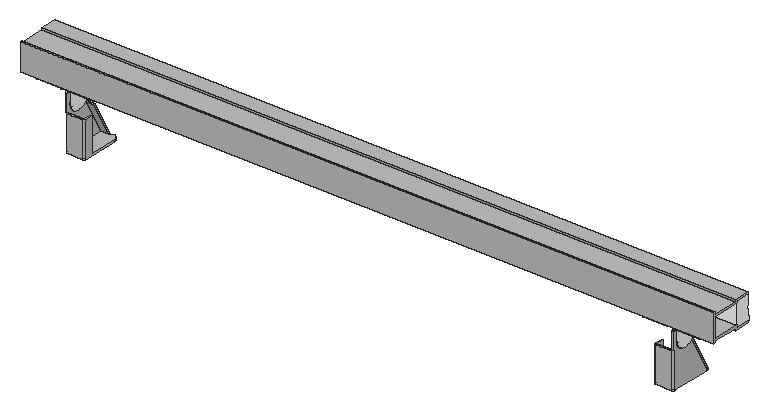
Revit family "4070756+4070746+4070771 Feilo Sylvania Lighting Fixture CURSUS 876MM 653LM OVAL LED 4K with CONTINUOUS WALL HOUSING with 70MM WALL BRACKET", category Lighting Fixtures, host Face, Revit 2017
Family settings
  Host = Face
  Round Connector Dimension = Use Diameter
  Part Type = Normal
  OmniClass Number = 23.80.70.14
  OmniClass Title = Luminaries for External Lighting
  Cut with Voids When Loaded = Yes
  Light Source = No
  Shared = No
  Room Calculation Point = No
Parameters (values of type "4070756 CURSUS 876MM 653LM OVAL LED 4K")
  Weight = "1.7 kg"
  Wattage Comments = "n/a"
  WarrantyStartDate [instance] = "n/a"
  WarrantyGuarantorParts = "n/a"
  WarrantyDurationUnit = "n/a"
  WarrantyDurationParts = "n/a"
  WarrantyDescription = "n/a"
  Voltage = 24 V
  URL = "http://www.sylvania-lighting.com"
  TypeName = "CURSUS 876MM 653LM OVAL LED 4K"
  TypeFixture_FEILO = CURSUS with CONTINUOUS WALL HOUSING : CURSUS 876MM 653LM OVAL LED 4K
  Type Image = <None>
  Type Comments = "n/a"
  TiltAngle [instance] = 0.00°
  StartAngle [instance] = TiltAngle + 270.00°  # 270.00°
  SerialNumber [instance] = "n/a"
  ReflectorMaterial = none
  PowerFactor = 0
  PowerConsumption = "13.5 W"
  NominalLength = 876 mm
  NominalHeight = 50 mm
  NominalDepth = 30 mm
  Name = "CURSUS 876MM 653LM OVAL LED 4K"
  ModelReference = Name  # "CURSUS 876MM 653LM OVAL LED 4K"
  ModelNumber = "4070756"
  Model = Name  # "CURSUS 876MM 653LM OVAL LED 4K"
  Material = "natural anodised extruded aluminium structure housing, optical system with pmma lenses diffuser"
  ManufacturerName = "Feilo Sylvania"
  Manufacturer = "Feilo Sylvania"
  LuminousEfficacy = "48.37 lm/W"
  LuminaireType = ""
  LightOutputRatio = "100"
  LampsType = Lamp  # "LED"
  LampNominalLuminous = "653 lm"
  LampMacAdamStep = "n/a"
  LampColourTemperature = "4000 K"
  LampColourRenderingIndex = "80"
  Lamp = "LED"
  Keynote = "16500"
  InstallationDate [instance] = "n/a"
  InputVoltage = "24V DC"
  InputNominalFrequency = "n/a"
  IngressProtection = "IP67"
  ImpactProtectionIndex = "IK07"
  IfcExportType = "IfcLightFixtureType"
  IfcExportAs = "IfcLightFixtureType"
  ExpectedLife = 50000
  EndAngle [instance] = StartAngle - 180.00°  # 90.00°
  ElectricShockClassification = "Class III"
  DurationUnit = "hours"
  DocumentationLiterature = "http://www.sylvania-lighting.com/product/en-int/products/4070756"
  DimmingControlOptions = "n/a"
  DiffuserMaterial = Diffuser-Sylvania-Glow
  Description = "LED Exterior Lighting Recessed Surface Mounted Linear Fixture, Natural anodised extruded aluminium structure. Die-cast aluminium end caps. Installation kit with harmonic steel springs., 653 lm, 13,5W,  48lm/W, 4000K, CRI80+,non dimmable,IP67, IK07, (HxWxD) 876x50x30mm, 3 step Mac Adam Ellipse, 1.7kg,, Classe III, 21-25V-DC, energy class : A++, A+, A"
  Default Elevation = 1219.2 mm
  CreatedOn = "1/8/2018"
  CreatedBy = ""
  Cost = 0
  built-in parameter 1114216 [instance] = (empty or 0)
  ClassificationValue = "EF_70_80"
  ClassificationName = "Uniclass2015"
  BracketWidth = 24 mm
  BracketThickness = 2 mm
  BracketHeightEnd = 32 mm
  BracketHeight = 55 mm
  BracketFlange = BracketHeight / 5  # 11 mm
  BracketExtension = 70 mm
  BracketEndReduction = 25 mm
  BracketC = 22 mm  # constant formula
  BracketDistance = 745 mm
  BracketD = BracketHeightEnd - (BracketC * (BracketHeight - BracketHeightEnd) / (BracketExtension - BracketEndReduction))  # 20.756 mm
  BodyMaterial = Body-Sylvania-Gray
  BarCode [instance] = "n/a"
  AssetType = "Fixed"
  AssetIdentifier [instance] = "n/a"
  Assembly Code = "D5020200"
  Apparent Load = 13.5 VA
  AccessoryMaterial = Diffuser-Sylvania-Glow
Reference planes
  plane 1 "Center (Front/Back)": y = 0
  plane 2: z = 0
  plane 3 "Center (Left/Right)": x = 0
  plane 4: x = -384.5
  plane 5: x = 384.5
  plane 6: y = 55
  plane 7: x = -360.5
  plane 8: x = 360.5
  plane 9: z = 70
  plane 10: z = 56
  plane 11: z = 2
  plane 12: z = 45
  plane 13: x = -382.5
  plane 14: y = 53
  plane 15: y = 2
  plane 16: x = -362.5
  plane 17: x = 362.5
  plane 18: x = 382.5
  plane 19: x = -372.5
  plane 20: x = 372.5
  plane 21: y = 11
  plane 22: y = 32
  plane 23: y = 30
  plane 24: z = 67
  plane 25: y = 20.756
  plane 26: y = 16
Forms (mm)
  Blend 1, solid, material "Body-Sylvania-Gray" <- "BodyMaterial"
    base sketch origin (1223.4, -4572, 2) x (0, -1, 0) y (1, 0, 0)
      loop
        line (-4625, -1595.9) -> (-4627, -1595.9) -> (-4627, -1605.9)
        arc (-4627, -1605.9) -> (-4626.414, -1607.314) -> (-4625, -1607.9) r 2
        line (-4625, -1607.9) -> (-4574, -1607.9)
        arc (-4574, -1607.9) -> (-4572.586, -1607.314) -> (-4572, -1605.9) r 2
        line (-4572, -1605.9) -> (-4572, -1585.9)
        arc (-4572, -1585.9) -> (-4572.586, -1584.486) -> (-4574, -1583.9) r 2
        line (-4574, -1583.9) -> (-4583, -1583.9) -> (-4583, -1585.9) -> (-4574, -1585.9) -> (-4574, -1605.9) -> (-4625, -1605.9) -> (-4625, -1595.9)
    top sketch origin (1223.4, -4572, 2) x (0, -1, 0) y (1, 0, 0)
      loop
        line (-4583, -1585.9) -> (-4574, -1585.9) -> (-4574, -1605.9) -> (-4602, -1605.9) -> (-4602, -1595.9) -> (-4604, -1595.9) -> (-4604, -1605.9)
        arc (-4604, -1605.9) -> (-4603.52, -1607.21) -> (-4602.309, -1607.9) r 2.028
        line (-4602.309, -1607.9) -> (-4574, -1607.9)
        arc (-4574, -1607.9) -> (-4572.586, -1607.314) -> (-4572, -1605.9) r 2
        line (-4572, -1605.9) -> (-4572, -1585.9)
        arc (-4572, -1585.9) -> (-4572.586, -1584.486) -> (-4574, -1583.9) r 2
        line (-4574, -1583.9) -> (-4583, -1583.9) -> (-4583, -1585.9)
    from 0 to 43
  Extrusion 2, solid, material "Body-Sylvania-Gray" <- "BodyMaterial"
    sketch origin (0, 0, 0) x (1, 0, 0) y (0, 1, 0)
      loop
        arc (-382.5, 55) -> (-383.914, 54.414) -> (-384.5, 53) r 2
        line (-384.5, 53) -> (-384.5, 2)
        arc (-384.5, 2) -> (-383.914, 0.586) -> (-382.5, 0) r 2
        line (-382.5, 0) -> (-362.5, 0)
        arc (-362.5, 0) -> (-361.086, 0.586) -> (-360.5, 2) r 2
        line (-360.5, 2) -> (-360.5, 47.5)
        arc (-360.5, 47.5) -> (-362.697, 52.803) -> (-368, 55) r 7.5
        line (-368, 55) -> (-382.5, 55)
      loop
        line (382.5, 55) -> (368, 55)
        arc (368, 55) -> (362.697, 52.803) -> (360.5, 47.5) r 7.5
        line (360.5, 47.5) -> (360.5, 2)
        arc (360.5, 2) -> (361.086, 0.586) -> (362.5, 0) r 2
        line (362.5, 0) -> (382.5, 0)
        arc (382.5, 0) -> (383.914, 0.586) -> (384.5, 2) r 2
        line (384.5, 2) -> (384.5, 53)
        arc (384.5, 53) -> (383.914, 54.414) -> (382.5, 55) r 2
    from 0 to 2
  Blend 3, solid, material "Body-Sylvania-Gray" <- "BodyMaterial"
    base sketch origin (1223.4, -4572, 2) x (0, -1, 0) y (1, 0, 0)
      loop
        line (-4625, -840.9) -> (-4574, -840.9) -> (-4574, -860.9) -> (-4583, -860.9) -> (-4583, -862.9) -> (-4574, -862.9)
        arc (-4574, -862.9) -> (-4572.586, -862.314) -> (-4572, -860.9) r 2
        line (-4572, -860.9) -> (-4572, -840.9)
        arc (-4572, -840.9) -> (-4572.586, -839.486) -> (-4574, -838.9) r 2
        line (-4574, -838.9) -> (-4625, -838.9)
        arc (-4625, -838.9) -> (-4626.414, -839.486) -> (-4627, -840.9) r 2
        line (-4627, -840.9) -> (-4627, -850.9) -> (-4625, -850.9) -> (-4625, -840.9)
    top sketch origin (1223.4, -4572, 2) x (0, -1, 0) y (1, 0, 0)
      loop
        line (-4602, -850.9) -> (-4602, -840.9) -> (-4574, -840.9) -> (-4574, -860.9) -> (-4583, -860.9) -> (-4583, -862.9) -> (-4574, -862.9)
        arc (-4574, -862.9) -> (-4572.586, -862.314) -> (-4572, -860.9) r 2
        line (-4572, -860.9) -> (-4572, -840.9)
        arc (-4572, -840.9) -> (-4572.586, -839.486) -> (-4574, -838.9) r 2
        line (-4574, -838.9) -> (-4602, -838.9)
        arc (-4602, -838.9) -> (-4603.414, -839.486) -> (-4604, -840.9) r 2
        line (-4604, -840.9) -> (-4604, -850.9) -> (-4602, -850.9)
    from 0 to 43
  Blend 4, solid, material "Body-Sylvania-Gray" <- "BodyMaterial"
    base sketch origin (1223.4, -4572, 45) x (0, -1, 0) y (1, 0, 0)
      loop
        line (-4604, -1607.9) -> (-4572, -1607.9) -> (-4572, -1605.9) -> (-4604, -1605.9) -> (-4604, -1607.9)
    top sketch origin (1223.4, -4572, 45) x (0, -1, 0) y (1, 0, 0)
      loop
        line (-4572, -1607.9) -> (-4572, -1605.9) -> (-4592.756, -1605.9) -> (-4592.756, -1607.9) -> (-4572, -1607.9)
    from 0 to 22
  Blend 5, solid, material "Body-Sylvania-Gray" <- "BodyMaterial"
    base sketch origin (1223.4, -4572, 45) x (0, -1, 0) y (1, 0, 0)
      loop
        line (-4604, -840.9) -> (-4572, -840.9) -> (-4572, -838.9) -> (-4604, -838.9) -> (-4604, -840.9)
    top sketch origin (1223.4, -4572, 45) x (0, -1, 0) y (1, 0, 0)
      loop
        line (-4572, -838.9) -> (-4592.756, -838.9) -> (-4592.756, -840.9) -> (-4572, -840.9) -> (-4572, -838.9)
    from 0 to 22
  Extrusion 6, void
    sketch origin (0, 0, 0) x (0, 1, 0) y (0, 0, 1)
      loop
        line (0, 45) -> (2, 45) -> (2, 46.5) -> (0, 46.5) -> (0, 45)
      loop
        line (32, 45) -> (32, 46.5) -> (30, 46.5) -> (30, 45) -> (32, 45)
    from -384.5 to 384.5
  Revolve 7, solid, not visible
    sketch origin (1524, 16, 1219.2) x (1, 0, 0) y (0, 0, 1)
      loop
        line (-1524, -1152.2) -> (-1524, -1163.2) -> (-1151.5, -1163.2) -> (-1151.5, -1152.2) -> (-1524, -1152.2)
      axis (-1151.5, -1163.2) -> (-1524, -1163.2)
    angle from 270 <- "StartAngle" to 90 <- "EndAngle"
Cuts and joins
  Extrusion 6 cuts Blend 4
  Extrusion 6 cuts Blend 5
  joined: Blend 1, Extrusion 2, Blend 3, Blend 4, Blend 5
Lines and regions (mm)
  reference lines, not visible
    curve 1: line (-360.5, 16, 56) -> (360.5, 16, 56)
Dimensions and locks
  equal spacing: plane 4, plane 3 "Center (Left/Right)", plane 5
  "BracketDistance": plane 19 to plane 20
  "BracketHeight": plane 1 "Center (Front/Back)" to plane 6
  equal spacing: plane 7, plane 3 "Center (Left/Right)", plane 8
  "BracketWidth": plane 4 to plane 7
  "BracketExtension": plane 9 to plane 2
  "BracketThickness": plane 11 to plane 2
  "BracketEndReduction": plane 9 to plane 12
  equal spacing: plane 13, plane 3 "Center (Left/Right)", plane 18
  equal spacing: plane 16, plane 3 "Center (Left/Right)", plane 17
  "BracketThickness": plane 4 to plane 13
  "BracketThickness": plane 16 to plane 7
  "BracketThickness": plane 14 to plane 6
  "BracketThickness": plane 1 "Center (Front/Back)" to plane 15
  equal spacing: plane 4, plane 19, plane 7
  equal spacing: plane 8, plane 20, plane 5
  "BracketFlange": plane 1 "Center (Front/Back)" to plane 21
  "BracketHeightEnd": plane 1 "Center (Front/Back)" to plane 22
  "BracketThickness": plane 23 to plane 22
  locked: Extrusion 2 sketch curve to plane 7 at 7.5
  locked: Extrusion 2 sketch curve to plane 6 at 7.5  (x2)
  locked: plane 8 to Extrusion 2 sketch curve at 7.5
  "BracketC": plane 24 to plane 12
  "BracketD": plane 1 "Center (Front/Back)" to plane 25
  locked: plane 12 to Extrusion 6 sketch curve at 1.5
  equal spacing: plane 24, plane 10, plane 12
  equal spacing: plane 1 "Center (Front/Back)", plane 26, plane 22
  aligned and locked: plane 2 to host face
  aligned and locked: level to host face
  aligned and locked: plane 4 to Blend 1 sketch curve  (x2)
  aligned and locked: plane 13 to Blend 1 sketch curve  (x3)
  aligned and locked: Blend 1 sketch curve to plane 15
  aligned and locked: Blend 1 sketch curve to plane 16
  aligned and locked: Blend 1 sketch curve to plane 21
  aligned and locked: plane 7 to Blend 1 sketch curve
  aligned and locked: plane 16 to Blend 1 sketch curve
  aligned and locked: plane 1 "Center (Front/Back)" to Blend 1 sketch curve
  aligned and locked: plane 14 to Blend 1 sketch curve
  aligned and locked: Blend 1 sketch curve to var sketch  (x6)
  aligned and locked: Blend 1 sketch curve to plane 19
  aligned and locked: Blend 1 sketch curve to plane 22
  aligned and locked: plane 23 to Blend 1 sketch curve
  aligned and locked: plane 11 to Blend 1
  aligned and locked: Extrusion 2 sketch curve to Blend 1  (x3)
  aligned and locked: Extrusion 2 to level
  aligned and locked: Extrusion 2 to plane 11
  aligned and locked: Extrusion 2 sketch curve to plane 7
  aligned and locked: plane 18 to Blend 3 sketch curve  (x4)
  aligned and locked: plane 14 to Blend 3 sketch curve  (x2)
  aligned and locked: Blend 3 sketch curve to plane 20
  aligned and locked: Blend 3 sketch curve to plane 6
  aligned and locked: plane 5 to Blend 3 sketch curve
  aligned and locked: plane 1 "Center (Front/Back)" to Blend 3 sketch curve
  aligned and locked: plane 15 to Blend 3 sketch curve  (x2)
  aligned and locked: Blend 3 sketch curve to plane 8
  aligned and locked: Blend 3 sketch curve to plane 21
  aligned and locked: plane 17 to Blend 3 sketch curve
  aligned and locked: Blend 3 sketch curve to plane 18
  aligned and locked: plane 20 to Blend 3 sketch curve  (x2)
  aligned and locked: Blend 3 sketch curve to plane 23
  aligned and locked: Blend 3 sketch curve to var sketch  (x8)
  aligned and locked: var sketch to Blend 3 sketch curve
  aligned and locked: plane 22 to Blend 3 sketch curve
  aligned and locked: plane 11 to Blend 3
  aligned and locked: Extrusion 2 sketch curve to Blend 3  (x4)
  aligned and locked: Blend 1 to plane 12
  aligned and locked: Blend 3 to plane 12
  aligned and locked: Blend 4 sketch curve to plane 22
  aligned and locked: Blend 4 sketch curve to cut or joined group of Blend 1, Extrusion 2, Blend 3, Blend 4, Blend 5, Extrusion 6  (x2)
  aligned and locked: cut or joined group of Blend 1, Extrusion 2, Blend 3, Blend 4, Blend 5, Extrusion 6 to Blend 4 sketch curve
  aligned and locked: Blend 4 sketch curve to var sketch  (x2)
  aligned and locked: Blend 4 sketch curve to plane 13
  aligned and locked: Blend 4 to plane 24
  aligned and locked: Blend 4 sketch curve to plane 25
  aligned and locked: Blend 5 sketch curve to plane 18  (x2)
  aligned and locked: plane 1 "Center (Front/Back)" to Blend 5 sketch curve
  aligned and locked: plane 5 to Blend 5 sketch curve
  aligned and locked: plane 22 to Blend 5 sketch curve
  aligned and locked: Blend 5 sketch curve to var sketch
  aligned and locked: var sketch to Blend 5 sketch curve
  aligned and locked: Blend 5 sketch curve to plane 25
  aligned and locked: Blend 5 to plane 24
  aligned and locked: plane 12 to Blend 5
  aligned and locked: Extrusion 6 sketch curve to cut or joined group of Blend 1, Extrusion 2, Blend 3, Blend 4, Blend 5, Extrusion 6  (x2)
  aligned and locked: Extrusion 6 sketch curve to Extrusion 6 sketch curve
  aligned and locked: Extrusion 6 sketch curve to plane 15
  aligned and locked: plane 5 to Extrusion 6
  aligned and locked: Extrusion 6 to plane 4
  aligned and locked: Extrusion 6 sketch curve to plane 23
  aligned and locked: Revolve 7 sketch curve to plane 10  (x2)
  aligned and locked: plane 24 to Revolve 7 sketch curve
  aligned and locked: plane 3 "Center (Left/Right)" to Revolve 7 sketch curve
  aligned and locked: Revolve 7 sketch curve to plane 20
  aligned and locked: plane 7 to curve 1
  aligned and locked: plane 10 to curve 1
  aligned and locked: nested 1 to plane 5
  aligned and locked: nested 2 to plane 4
  aligned and locked: nested 1 to curve 1
  aligned and locked: nested 2 to curve 1
  aligned and locked: nested 1 to nested 3
  aligned and locked: nested 3 to plane 3 "Center (Left/Right)"
Automatic sketch dimensions
  host sketch curve to host sketch curve = 2438.4 mm  (x2)
  Blend 1 sketch curve to plane 13 = 0 mm
  plane 15 to Blend 1 sketch curve = 0 mm  (x3)
  Blend 1 sketch curve to plane 23 = 0.309 mm
  plane 6 to Blend 1 sketch curve = 0 mm
  plane 14 to Blend 1 sketch curve = 0 mm
  Blend 1 sketch curve to plane 19 = 0 mm
  Blend 3 sketch curve to plane 17 = 0 mm
  Extrusion 6 sketch curve to plane 1 "Center (Front/Back)" = 0 mm
  plane 12 to Extrusion 6 sketch curve = 0 mm
  Revolve 7 sketch curve to plane 4 = 1153 mm
  plane 5 to Revolve 7 sketch curve = 1161.4 mm
  curve 1 to plane 8 = 0 mm
Nested families
  nested 1: "MountingPlate" at (383.5, 16, 56) x (-1, 0, 0) z (0, 0, 1), type "MountingPlate"
  nested 2: "MountingPlate" at (-383.5, 16, 56) x (-1, 0, 0) z (0, 0, 1), type "MountingPlate"
  nested 3: "CURSUS with CONTINUOUS WALL HOUSING" at (0, -4, 74) x (-1, 0, 0) z (0, 0, 1), type <- "TypeFixture_FEILO", type "CURSUS 876MM 653LM OVAL LED 4K"
    with WarrantyStartDate "n/a", SerialNumber "n/a", InstallationDate "n/a", EndCapRight no, EndCapLeft no, built-in parameter 1114216 (empty or 0), BarCode "n/a", AssetIdentifier "n/a"
Connectors
  electrical at (0, 0, 0), driven by "Voltage", driven by "Apparent Load", driven by "PowerFactor", driven by "Apparent Load"
    settings: index 1, voltage 24 V, apparent load 13.5 VA, apparent load phase1 13.5 VA, apparent load phase2 0 VA, apparent load phase3 0 VA, power factor 0, load classification "Other", number of poles 1, system type 30, power factor state 1, is connector primary yes, connector utility no, sub classification motor no, connector description ""
Definition of nested family "MountingPlate"
  Parameters (values of type "MountingPlate")
    URL = "http://www.feilosylvania.com"
    Type Comments = "n/a"
    ReflectorMaterial = none
    MountingPlateWidth = 76 mm
    MountingPlateThickness = 2 mm
    MountingPlateRadiusBack = 12 mm
    MountingPlateRadius = 3 mm
    MountingPlateHeight = 35 mm
    Model = "n/a"
    Manufacturer = "Feilo Sylvania"
    Keynote = "n/a"
    DiffuserMaterial = none
    Description = "n/a"
    Default Elevation = 1219.2 mm
    Cost = 0
    BodyMaterial = none
    Assembly Code = "n/a"
    AccessoryMaterial = none
  Reference planes
    plane 1 "Center (Front/Back)": y = 0
    plane 2: z = 0
    plane 3 "Center (Left/Right)": x = 0
    plane 4: x = -38
    plane 5: x = 38
    plane 6: y = 17.5
    plane 7: y = -17.5
    plane 8: x = -3
    plane 9: x = 3
    plane 10: z = 18
    plane 11: z = 16
    plane 12: y = 12.5
    plane 13: y = -12.5
    plane 14: x = -1
    plane 15: x = 1
    plane 16: z = -12.5
    plane 17: z = -14.5
  Forms (mm)
    Extrusion 1, solid
      sketch origin (1.653, 0, 0) x (1, 0, 0) y (0, 1, 0)
        loop
          line (-1219.2, 1219.2) -> (-1219.2, -1219.2) -> (1219.2, -1219.2) -> (1219.2, 1219.2) -> (-1219.2, 1219.2)
      from 0 to -304.8
    Extrusion 2, solid, material <- "BodyMaterial"
      sketch origin (1218.4, -4572, 16) x (0, -1, 0) y (-1, 0, 0)
        loop
          line (-4589.5, 1253.4) -> (-4589.5, 1224.4)
          arc (-4589.5, 1224.4) -> (-4588.621, 1222.279) -> (-4586.5, 1221.4) r 3
          line (-4586.5, 1221.4) -> (-4557.5, 1221.4)
          arc (-4557.5, 1221.4) -> (-4555.379, 1222.279) -> (-4554.5, 1224.4) r 3
          line (-4554.5, 1224.4) -> (-4554.5, 1253.4)
          arc (-4554.5, 1253.4) -> (-4555.379, 1255.521) -> (-4557.5, 1256.4) r 3
          line (-4557.5, 1256.4) -> (-4586.5, 1256.4)
          arc (-4586.5, 1256.4) -> (-4588.621, 1255.521) -> (-4589.5, 1253.4) r 3
        loop
          arc (-4589.5, 1183.4) -> (-4588.621, 1181.279) -> (-4586.5, 1180.4) r 3
          line (-4586.5, 1180.4) -> (-4557.5, 1180.4)
          arc (-4557.5, 1180.4) -> (-4555.379, 1181.279) -> (-4554.5, 1183.4) r 3
          line (-4554.5, 1183.4) -> (-4554.5, 1212.4)
          arc (-4554.5, 1212.4) -> (-4555.379, 1214.521) -> (-4557.5, 1215.4) r 3
          line (-4557.5, 1215.4) -> (-4586.5, 1215.4)
          arc (-4586.5, 1215.4) -> (-4588.621, 1214.521) -> (-4589.5, 1212.4) r 3
          line (-4589.5, 1212.4) -> (-4589.5, 1183.4)
      from 0 to -2
    Extrusion 3, solid, material <- "BodyMaterial"
      sketch origin (0, 0, 0) x (1, 0, 0) y (0, 0, 1)
        loop
          line (-3, 18) -> (-3, -12.5) -> (-1, -12.5) -> (-1, 16)
          arc (-1, 16) -> (-1.586, 17.414) -> (-3, 18) r 2
        loop
          line (3, -12.5) -> (3, 18)
          arc (3, 18) -> (1.586, 17.414) -> (1, 16) r 2
          line (1, 16) -> (1, -12.5) -> (3, -12.5)
      from -12.5 to 12.5
    Extrusion 4, void
      sketch origin (0, 0, 0) x (0, 1, 0) y (0, 0, 1)
        loop
          line (-12.5, -0.5) -> (-17.5, -0.5) -> (-17.5, -14.5) -> (-0.5, -14.5) -> (-0.5, -12.5)
          arc (-0.5, -12.5) -> (-8.985, -8.985) -> (-12.5, -0.5) r 12
        loop
          line (0.5, -12.5) -> (0.5, -14.5) -> (17.5, -14.5) -> (17.5, -0.5) -> (12.5, -0.5)
          arc (12.5, -0.5) -> (8.985, -8.985) -> (0.5, -12.5) r 12
      from -3 to 3
  Cuts and joins
    Extrusion 4 cuts Extrusion 2
    Extrusion 4 cuts Extrusion 3
    joined: Extrusion 2, Extrusion 3
  Lines and regions (mm)
    reference lines
      curve 1: line (-38, 0, 0) -> (38, 0, 0)
  Dimensions and locks
    equal spacing: plane 4, plane 3 "Center (Left/Right)", plane 5
    "MountingPlateWidth": plane 4 to plane 5
    equal spacing: plane 7, plane 1 "Center (Front/Back)", plane 6
    "MountingPlateHeight": plane 7 to plane 6
    equal spacing: plane 8, plane 3 "Center (Left/Right)", plane 9
    "MountingPlateHeight": plane 4 to plane 8
    locked: plane 10 to plane 2 at 18
    "MountingPlateThickness": plane 10 to plane 11
    equal spacing: plane 13, plane 1 "Center (Front/Back)", plane 12
    locked: plane 13 to plane 12 at 25
    "MountingPlateRadius": plane 4 to Extrusion 2 sketch curve  (x2)
    "MountingPlateRadius": Extrusion 2 sketch curve to plane 6  (x4)
    "MountingPlateRadius": Extrusion 2 sketch curve to plane 8  (x2)
    "MountingPlateRadius": plane 7 to Extrusion 2 sketch curve  (x4)
    "MountingPlateRadius": plane 9 to Extrusion 2 sketch curve  (x2)
    "MountingPlateRadius": Extrusion 2 sketch curve to plane 5  (x2)
    equal spacing: plane 15, plane 3 "Center (Left/Right)", plane 14
    "MountingPlateThickness": plane 14 to plane 8
    locked: plane 2 to plane 16 at 12.5
    locked: plane 17 to plane 16 at 2
    "MountingPlateRadiusBack": plane 13 to Extrusion 4 sketch curve
    "MountingPlateRadiusBack": plane 16 to Extrusion 4 sketch curve  (x2)
    "MountingPlateRadiusBack": Extrusion 4 sketch curve to plane 12
    aligned and locked: plane 2 to Extrusion 1
    aligned and locked: level to Extrusion 1
    aligned and locked: Extrusion 2 sketch curve to plane 6
    aligned and locked: Extrusion 2 sketch curve to plane 4
    aligned and locked: plane 7 to Extrusion 2 sketch curve
    aligned and locked: plane 8 to Extrusion 2 sketch curve
    aligned and locked: plane 6 to Extrusion 2 sketch curve
    aligned and locked: Extrusion 2 sketch curve to plane 5
    aligned and locked: Extrusion 2 sketch curve to plane 7
    aligned and locked: plane 9 to Extrusion 2 sketch curve
    aligned and locked: Extrusion 2 to plane 10
    aligned and locked: plane 11 to Extrusion 2
    aligned and locked: Extrusion 3 sketch curve to Extrusion 2  (x2)
    aligned and locked: plane 16 to Extrusion 3 sketch curve  (x2)
    aligned and locked: plane 14 to Extrusion 3 sketch curve
    aligned and locked: plane 9 to Extrusion 3 sketch curve
    aligned and locked: plane 15 to Extrusion 3 sketch curve
    aligned and locked: Extrusion 3 to plane 12
    aligned and locked: plane 13 to Extrusion 3
    aligned and locked: plane 17 to Extrusion 4 sketch curve  (x2)
    aligned and locked: Extrusion 4 sketch curve to plane 7
    aligned and locked: Extrusion 4 sketch curve to plane 6
    aligned and locked: plane 9 to Extrusion 4
    aligned and locked: Extrusion 4 to plane 8
    aligned and locked: plane 4 to curve 1
    aligned and locked: curve 1 to level
  Automatic sketch dimensions
    Extrusion 1 sketch curve to Extrusion 1 sketch curve = 2438.4 mm  (x2)
    Extrusion 3 sketch curve to plane 11 = 0 mm
    curve 1 to plane 5 = 0 mm
    Extrusion 4 sketch curve to plane 13 = 0 mm
    Extrusion 4 sketch curve to plane 12 = 0 mm
Definition of nested family "CURSUS with CONTINUOUS WALL HOUSING"
  Parameters (values of type "CURSUS 1161MM 827LM OVAL LED 3K")
    Width_FEILO = 35 mm
    Weight = "2.2 kg"
    Wattage Comments = "n/a"
    Wattage = 18 W
    WarrantyStartDate [instance] = "n/a"
    WarrantyGuarantorParts = "n/a"
    WarrantyDurationUnit = "n/a"
    WarrantyDurationParts = "n/a"
    WarrantyDescription = "n/a"
    WallThickness_FEILO = 2.5 mm
    built-in parameter 1150110 = 1 (stored number, unit not read)
    Voltage = 24 V
    URL = "http://www.feilosylvania.com"
    TypeName = "CURSUS 1161MM 827LM OVAL LED 3K"
    Type Image = (empty or 0)
    Type Comments = "n/a"
    built-in parameter 1114217 = 1 (stored number, unit not read)
    Tilt Angle = -90.00°
    built-in parameter 1150109 = 1 (stored number, unit not read)
    built-in parameter 1150134 = (empty or 0)
    built-in parameter 1150113 = 1 (stored number, unit not read)
    SerialNumber [instance] = "n/a"
    ReflectorMaterial = none
    PowerFactor = 0
    PowerConsumption = "18 W"
    Photometric Web File = "4070765.ies"
    NominalLength = 1161 mm
    NominalHeight = 50 mm
    NominalDepth = 30 mm
    Name = "CURSUS 1161MM 827LM OVAL LED 3K"
    ModelReference = Name  # "CURSUS 1161MM 827LM OVAL LED 3K"
    ModelNumber = ""
    Model = Name  # "CURSUS 1161MM 827LM OVAL LED 3K"
    Material = "natural anodised extruded aluminium structure housing, optical system with pmma lenses diffuser"
    ManufacturerName = "Feilo Sylvania"
    Manufacturer = "Feilo Sylvania"
    LuminousEfficacy = "45.94 lm/W"
    built-in parameter 1150105 = 65.811 (stored number, unit not read)
    Lumens = 827 lm
    LuminaireType = ""
    built-in parameter 1150115 = 1 (stored number, unit not read)
    LightOutputRatio = "100"
    built-in parameter 1150137 = (empty or 0)
    built-in parameter 1150139 = (empty or 0)
    Length_FEILO = 1167 mm
    LampsType = Lamp  # "LED"
    LampNominalLuminous = "827 lm"
    LampMacAdamStep = "n/a"
    LampColourTemperature = "3000 K"
    LampColourRenderingIndex = "80"
    built-in parameter 1150112 = 1 (stored number, unit not read)
    built-in parameter 1150114 = 1 (stored number, unit not read)
    Lamp = "LED"
    Keynote = "16500"
    InstallationDate [instance] = "n/a"
    InputVoltage = "24V DC"
    InputNominalFrequency = "n/a"
    built-in parameter 1150132 = (empty or 0)
    built-in parameter 1150102 = (empty or 0)
    built-in parameter 1150107 = 3000 (stored number, unit not read)
    built-in parameter 1150138 = (empty or 0)
    IngressProtection = "IP67"
    ImpactProtectionIndex = "IK07"
    built-in parameter 1150106 = 0.65811 (stored number, unit not read)
    IfcExportType = "IfcLightFixtureType"
    IfcExportAs = "IfcLightFixtureType"
    ExpectedLife = 50000
    EndCapRight [instance] = no
    EndCapLeft [instance] = no
    Emit from Rectangle Width = Width_FEILO - WallThickness_FEILO * 2  # 30 mm
    Emit from Rectangle Length = Length_FEILO - WallThickness_FEILO * 2  # 1162 mm
    Emit Shape Visible in Rendering = no
    ElectricShockClassification = "Class III"
    built-in parameter 1150104 = 4.2684 (stored number, unit not read)
    DurationUnit = "hours"
    DocumentationLiterature = "http://www.feilosylvania.com/product/en-int/products/4070765"
    DimmingControlOptions = "n/a"
    Dimming Lamp Color Temperature Shift = (empty or 0)
    DiffuserMaterial = none
    Description = "LED Exterior Lighting Recessed Surface Mounted Linear Fixture, Natural anodised extruded aluminium structure. Die-cast aluminium end caps. Installation kit with harmonic steel springs., 827 lm, 18W, 45lm/W, 3000K, CRI80+,non dimmable,IP67, IK07, (HxWxD) 1161x50x30mm, 3 step Mac Adam Ellipse, 2.2kg,, Classe III, 21-25V-DC, energy class : A++, A+, A"
    Default Elevation = 1219.2 mm
    CreatedOn = "1/8/2018"
    CreatedBy = "aron.fodor@feilosylvania.com"
    Cost = 0
    Color Filter = 16777215
    built-in parameter 1114216 [instance] = (empty or 0)
    ClassificationValue = "EF_70_80"
    ClassificationName = "Uniclass2015"
    BodyMaterial = none
    BarCode [instance] = "n/a"
    built-in parameter 1114218 = 1 (stored number, unit not read)
    built-in parameter 1150133 = 10 (stored number, unit not read)
    AssetType = "Fixed"
    AssetIdentifier [instance] = "n/a"
    Assembly Code = "D5020200"
    Apparent Load = 18 VA
    AccessoryMaterial = none
  Types (16, lengths in mm): name | Weight | Wattage | Voltage | TypeName | built-in parameter 1150134 | PowerConsumption | Photometric Web File | NominalLength | Name | ModelReference | Model | Material | LuminousEfficacy | built-in parameter 1150105 | Lumens | Length_FEILO | LampNominalLuminous | LampColourTemperature | InputVoltage | InputNominalFrequency | built-in parameter 1150107 | built-in parameter 1150106 | Emit from Rectangle Length | built-in parameter 1150104 | DocumentationLiterature | Description | Apparent Load
    CURSUS 1161MM 827LM OVAL LED 3K | "2.2 kg" | 18 W | 24 V | "CURSUS 1161MM 827LM OVAL LED 3K" | (empty or 0) | "18 W" | "4070765.ies" | 1161 | "CURSUS 1161MM 827LM OVAL LED 3K" | "CURSUS 1161MM 827LM OVAL LED 3K" | "CURSUS 1161MM 827LM OVAL LED 3K" | "natural anodised extruded aluminium structure housing, optical system with pmma lenses diffuser" | "45.94 lm/W" | 65.811 (stored number, unit not read) | 827 lm | 1167 | "827 lm" | "3000 K" | "24V DC" | "n/a" | 3000 (stored number, unit not read) | 0.65811 (stored number, unit not read) | 1162 | 4.2684 (stored number, unit not read) | "http://www.feilosylvania.com/product/en-int/products/4070765" | "LED Exterior Lighting Recessed Surface Mounted Linear Fixture, Natural anodised extruded aluminium structure. Die-cast aluminium end caps. Installation kit with harmonic steel springs., 827 lm, 18W, 45lm/W, 3000K, CRI80+,non dimmable,IP67, IK07, (HxWxD) 1161x50x30mm, 3 step Mac Adam Ellipse, 2.2kg,, Classe III, 21-25V-DC, energy class : A++, A+, A" | 18 VA
    CURSUS 1161MM 731LM WIDE LED 3K | "2.2 kg" | 18 W | 230 V | "CURSUS 1161MM 731LM WIDE LED 3K" | (empty or 0) | "18 W" | "4070764.ies" | 1161 | "CURSUS 1161MM 731LM WIDE LED 3K" | "CURSUS 1161MM 731LM WIDE LED 3K" | "CURSUS 1161MM 731LM WIDE LED 3K" | "natural anodised extruded aluminium structure housing" | "40.61 lm/W" | 58.171 (stored number, unit not read) | 731 lm | 1167 | "731 lm" | "3000 K" | "220-240V~" | "n/a" | 3000 (stored number, unit not read) | 0.58171 (stored number, unit not read) | 1162 | 3.7729 (stored number, unit not read) | "http://www.feilosylvania.com/product/en-int/products/4070764" | "LED Exterior Lighting Recessed Surface Mounted Linear Fixture, Natural anodised extruded aluminium structure. Die-cast aluminium end caps. Installation kit with harmonic steel springs., 731 lm, 18W, 40lm/W, 3000K, CRI80+,non dimmable,IP67, IK07, (HxWxD) 1161x50x30mm, 3 step Mac Adam Ellipse, 2.2kg,, Classe III, 21-25V-DC, energy class : A++, A+, A" | 18 VA
    CURSUS 1161MM 871LM OVAL LED 4K | "2.2 kg" | 18 W | 24 V | "CURSUS 1161MM 871LM OVAL LED 4K" | 12 | "18 W" | "4070763.ies" | 1161 | "CURSUS 1161MM 871LM OVAL LED 4K" | "CURSUS 1161MM 871LM OVAL LED 4K" | "CURSUS 1161MM 871LM OVAL LED 4K" | "natural anodised extruded aluminium structure housing, optical system with pmma lenses diffuser" | "48.38 lm/W" | 69.312 (stored number, unit not read) | 871 lm | 1167 | "871 lm" | "4000 K" | "24V DC" | "50/60 Hz" | 4000 (stored number, unit not read) | 0.69312 (stored number, unit not read) | 1162 | 4.4955 (stored number, unit not read) | "http://www.feilosylvania.com/product/en-int/products/4070763" | "LED Exterior Lighting Recessed Surface Mounted Linear Fixture, Natural anodised extruded aluminium structure. Die-cast aluminium end caps. Installation kit with harmonic steel springs., 871 lm, 18W,  48lm/W, 4000K, CRI80+,non dimmable,IP67, IK07, (HxWxD) 1161x50x30mm, 3 step Mac Adam Ellipse, 2.2kg,, Classe III, 21-25V-DC, energy class : A++, A+, A" | 18 VA
    CURSUS 1161MM 770LM WIDE LED 4K | "2.2 kg" | 18 W | 230 V | "CURSUS 1161MM 770LM WIDE LED 4K" | 12 | "18 W" | "4070762.ies" | 1161 | "CURSUS 1161MM 770LM WIDE LED 4K" | "CURSUS 1161MM 770LM WIDE LED 4K" | "CURSUS 1161MM 770LM WIDE LED 4K" | "natural anodised extruded aluminium structure housing" | "42.77 lm/W" | 61.275 (stored number, unit not read) | 770 lm | 1167 | "770 lm" | "4000 K" | "220-240V~" | "n/a" | 4000 (stored number, unit not read) | 0.61275 (stored number, unit not read) | 1162 | 3.9742 (stored number, unit not read) | "http://www.feilosylvania.com/product/en-int/products/4070762" | "LED Exterior Lighting Recessed Surface Mounted Linear Fixture, Natural anodised extruded aluminium structure. Die-cast aluminium end caps. Installation kit with harmonic steel springs., 770 lm, 18W,  42lm/W, 4000K, CRI80+,non dimmable,IP67, IK07, (HxWxD) 1161x50x30mm, 3 step Mac Adam Ellipse, 2.2kg,, Classe III, 21-25V-DC, energy class : A++, A+, A" | 18 VA
    CURSUS 876MM 620LM OVAL LED 3K | "1.7 kg" | 13.5 W | 24 V | "CURSUS 876MM 620LM OVAL LED 3K" | (empty or 0) | "13.5 W" | "4070758.ies" | 876 | "CURSUS 876MM 620LM OVAL LED 3K" | "CURSUS 876MM 620LM OVAL LED 3K" | "CURSUS 876MM 620LM OVAL LED 3K" | "natural anodised extruded aluminium structure housing, optical system with pmma lenses diffuser" | "45.92 lm/W" | 49.338 (stored number, unit not read) | 620 lm | 882 | "620 lm" | "3000 K" | "24V DC" | "50/60 Hz" | 3000 (stored number, unit not read) | 0.49338 (stored number, unit not read) | 877 | 4.2667 (stored number, unit not read) | "http://www.feilosylvania.com/product/en-int/products/4070758" | "LED Exterior Lighting Recessed Surface Mounted Linear Fixture, Natural anodised extruded aluminium structure. Die-cast aluminium end caps. Installation kit with harmonic steel springs., 620 lm, 13,5W, 45lm/W, 3000K, CRI80+,non dimmable,IP67, IK07, (HxWxD) 876x50x30mm, 3 step Mac Adam Ellipse, 1.7kg,, Classe III, 21-25V-DC, energy class : A++, A+, A" | 13.5 VA
    CURSUS 876MM 548LM WIDE LED 3K | "1.7 kg" | 13.5 W | 24 V | "CURSUS 876MM 548LM WIDE LED 3K" | (empty or 0) | "13.5 W" | "4070757.ies" | 876 | "CURSUS 876MM 548LM WIDE LED 3K" | "CURSUS 876MM 548LM WIDE LED 3K" | "CURSUS 876MM 548LM WIDE LED 3K" | "natural anodised extruded aluminium structure housing" | "40.59 lm/W" | 43.608 (stored number, unit not read) | 548 lm | 882 | "548 lm" | "3000 K" | "24V DC" | "n/a" | 3000 (stored number, unit not read) | 0.43608 (stored number, unit not read) | 877 | 3.7712 (stored number, unit not read) | "http://www.feilosylvania.com/product/en-int/products/4070757" | "LED Exterior Lighting Recessed Surface Mounted Linear Fixture, Natural anodised extruded aluminium structure. Die-cast aluminium end caps. Installation kit with harmonic steel springs., 548 lm, 13,5W, 40lm/W, 3000K, CRI80+,non dimmable,IP67, IK07, (HxWxD) 876x50x30mm, 3 step Mac Adam Ellipse, 1.7kg,, Classe III, 21-25V-DC, energy class : A++, A+, A" | 13.5 VA
    CURSUS 876MM 653LM OVAL LED 4K | "1.7 kg" | 13.5 W | 24 V | "CURSUS 876MM 653LM OVAL LED 4K" | 12 | "13.5 W" | "4070756.ies" | 876 | "CURSUS 876MM 653LM OVAL LED 4K" | "CURSUS 876MM 653LM OVAL LED 4K" | "CURSUS 876MM 653LM OVAL LED 4K" | "natural anodised extruded aluminium structure housing, optical system with pmma lenses diffuser" | "48.37 lm/W" | 51.964 (stored number, unit not read) | 653 lm | 882 | "653 lm" | "4000 K" | "24V DC" | "n/a" | 4000 (stored number, unit not read) | 0.51964 (stored number, unit not read) | 877 | 4.4938 (stored number, unit not read) | "http://www.feilosylvania.com/product/en-int/products/4070756" | "LED Exterior Lighting Recessed Surface Mounted Linear Fixture, Natural anodised extruded aluminium structure. Die-cast aluminium end caps. Installation kit with harmonic steel springs., 653 lm, 13,5W,  48lm/W, 4000K, CRI80+,non dimmable,IP67, IK07, (HxWxD) 876x50x30mm, 3 step Mac Adam Ellipse, 1.7kg,, Classe III, 21-25V-DC, energy class : A++, A+, A" | 13.5 VA
    CURSUS 876MM 577LM WIDE LED 4K | "1.7 kg" | 13.5 W | 24 V | "CURSUS 876MM 577LM WIDE LED 4K" | 12 | "13.5 W" | "4070755.ies" | 876 | "CURSUS 876MM 577LM WIDE LED 4K" | "CURSUS 876MM 577LM WIDE LED 4K" | "CURSUS 876MM 577LM WIDE LED 4K" | "natural anodised extruded aluminium structure housing" | "42.74 lm/W" | 45.916 (stored number, unit not read) | 577 lm | 882 | "577 lm" | "4000 K" | "24V DC" | "n/a" | 4000 (stored number, unit not read) | 0.45916 (stored number, unit not read) | 877 | 3.9707 (stored number, unit not read) | "http://www.feilosylvania.com/product/en-int/products/4070755" | "LED Exterior Lighting Recessed Surface Mounted Linear Fixture, Natural anodised extruded aluminium structure. Die-cast aluminium end caps. Installation kit with harmonic steel springs., 577 lm, 13,5W,  42lm/W, 4000K, CRI80+,non dimmable,IP67, IK07, (HxWxD) 876x50x30mm, 3 step Mac Adam Ellipse, 1.7kg,, Classe III, 21-25V-DC, energy class : A++, A+, A" | 13.5 VA
    CURSUS 591MM 414LM OVAL LED 3K | "1.2 kg" | 9 W | 24 V | "CURSUS 591MM 414LM OVAL LED 3K" | (empty or 0) | "9 W" | "4070751.ies" | 591 | "CURSUS 591MM 414LM OVAL LED 3K" | "CURSUS 591MM 414LM OVAL LED 3K" | "CURSUS 591MM 414LM OVAL LED 3K" | "natural anodised extruded aluminium structure housing, optical system with pmma lenses diffuser" | "46 lm/W" | 32.945 (stored number, unit not read) | 414 lm | 597 | "414 lm" | "3000 K" | "24V DC" | "n/a" | 3000 (stored number, unit not read) | 0.32945 (stored number, unit not read) | 592 | 4.2735 (stored number, unit not read) | "http://www.feilosylvania.com/product/en-int/products/4070751" | "LED Exterior Lighting Recessed Surface Mounted Linear Fixture, Natural anodised extruded aluminium structure. Die-cast aluminium end caps. Installation kit with harmonic steel springs., 414 lm, 9W, 46lm/W, 3000K, CRI80+,non dimmable,IP67, IK07, (HxWxD) 591x50x30mm, 3 step Mac Adam Ellipse, 1.2kg,, Classe III, 21-25V-DC, energy class : A++, A+, A" | 9 VA
    CURSUS 591MM 365LM WIDE LED 3K | "1.2 kg" | 9 W | 24 V | "CURSUS 591MM 365LM WIDE LED 3K" | (empty or 0) | "9 W" | "4070750.ies" | 591 | "CURSUS 591MM 365LM WIDE LED 3K" | "CURSUS 591MM 365LM WIDE LED 3K" | "CURSUS 591MM 365LM WIDE LED 3K" | "natural anodised extruded aluminium structure housing" | "40.55 lm/W" | 29.046 (stored number, unit not read) | 365 lm | 597 | "365 lm" | "3000 K" | "24V DC" | "n/a" | 3000 (stored number, unit not read) | 0.29046 (stored number, unit not read) | 592 | 3.7677 (stored number, unit not read) | "http://www.feilosylvania.com/product/en-int/products/4070750" | "LED Exterior Lighting Recessed Surface Mounted Linear Fixture, Natural anodised extruded aluminium structure. Die-cast aluminium end caps. Installation kit with harmonic steel springs., 365 lm, 9W, 40lm/W, 3000K, CRI80+,non dimmable,IP67, IK07, (HxWxD) 591x50x30mm, 3 step Mac Adam Ellipse, 1.2kg,, Classe III, 21-25V-DC, energy class : A++, A+, A" | 9 VA
    CURSUS 591MM 435LM OVAL LED 4K | "1.2 kg" | 9 W | 24 V | "CURSUS 591MM 435LM OVAL LED 4K" | 12 | "9 W" | "4070749.ies" | 591 | "CURSUS 591MM 435LM OVAL LED 4K" | "CURSUS 591MM 435LM OVAL LED 4K" | "CURSUS 591MM 435LM OVAL LED 4K" | "natural anodised extruded aluminium structure housing, optical system with pmma lenses diffuser" | "48.33 lm/W" | 34.616 (stored number, unit not read) | 435 lm | 597 | "435 lm" | "4000 K" | "24V DC" | "n/a" | 4000 (stored number, unit not read) | 0.34616 (stored number, unit not read) | 592 | 4.4903 (stored number, unit not read) | "http://www.feilosylvania.com/product/en-int/products/4070749" | "LED Exterior Lighting Recessed Surface Mounted Linear Fixture, Natural anodised extruded aluminium structure. Die-cast aluminium end caps. Installation kit with harmonic steel springs., 435 lm, 9W, 48lm/W, 4000K, CRI80+,non dimmable,IP67, IK07, (HxWxD) 591x50x30mm, 3 step Mac Adam Ellipse, 1.2kg,, Classe III, 21-25V-DC, energy class : A++, A+, A" | 9 VA
    CURSUS 591MM 385LM WIDE LED 4K | "1.2 kg" | 9 W | 24 V | "CURSUS 591MM 385LM WIDE LED 4K" | 12 | "9 W" | "4070748.ies" | 591 | "CURSUS 591MM 385LM WIDE LED 4K" | "CURSUS 591MM 385LM WIDE LED 4K" | "CURSUS 591MM 385LM WIDE LED 4K" | "natural anodised extruded aluminium structure housing" | "42.77 lm/W" | 30.637 (stored number, unit not read) | 385 lm | 597 | "385 lm" | "4000 K" | "24V DC" | "n/a" | 4000 (stored number, unit not read) | 0.30637 (stored number, unit not read) | 592 | 3.9742 (stored number, unit not read) | "http://www.feilosylvania.com/product/en-int/products/4070748" | "LED Exterior Lighting Recessed Surface Mounted Linear Fixture, Natural anodised extruded aluminium structure. Die-cast aluminium end caps. Installation kit with harmonic steel springs., 385 lm, 9W,  42lm/W, 4000K, CRI80+,non dimmable,IP67, IK07, (HxWxD) 591x50x30mm, 3 step Mac Adam Ellipse, 1.2kg,, Classe III, 21-25V-DC, energy class : A++, A+, A" | 9 VA
    CURSUS 306MM 207LM OVAL LED3K | "0.6 kg" | 4.5 W | 24 V | "CURSUS 306MM 207LM OVAL LED3K" | (empty or 0) | "4.5 W" | "4070744.ies" | 306 | "CURSUS 306MM 207LM OVAL LED3K" | "CURSUS 306MM 207LM OVAL LED3K" | "CURSUS 306MM 207LM OVAL LED3K" | "natural anodised extruded aluminium structure housing, optical system with pmma lenses diffuser" | "46 lm/W" | 16.473 (stored number, unit not read) | 207 lm | 312 | "207 lm" | "3000 K" | "24V DC" | "n/a" | 3000 (stored number, unit not read) | 0.16473 (stored number, unit not read) | 307 | 4.2735 (stored number, unit not read) | "http://www.feilosylvania.com/product/en-int/products/4070744" | "LED Exterior Lighting Recessed Surface Mounted Linear Fixture, Natural anodised extruded aluminium structure. Die-cast aluminium end caps. Installation kit with harmonic steel springs., 207 lm, 4,5W, 46lm/W, 3000K, CRI80+,non dimmable,IP67, IK07, (HxWxD) 306x50x30mm, 3 step Mac Adam Ellipse, 0.6kg,, Classe III, 21-25V-DC, energy class : A++, A+, A" | 4.5 VA
    CURSUS 306MM 183LM WIDE LED 3K | "0.6 kg" | 4.5 W | 24 V | "CURSUS 306MM 183LM WIDE LED 3K" | (empty or 0) | "4.5 W" | "4070743.ies" | 306 | "CURSUS 306MM 183LM WIDE LED 3K" | "CURSUS 306MM 183LM WIDE LED 3K" | "CURSUS 306MM 183LM WIDE LED 3K" | "natural anodised extruded aluminium structure housing" | "40.66 lm/W" | 14.563 (stored number, unit not read) | 183 lm | 312 | "183 lm" | "3000 K" | "24V DC" | "n/a" | 3000 (stored number, unit not read) | 0.14563 (stored number, unit not read) | 307 | 3.7781 (stored number, unit not read) | "http://www.feilosylvania.com/product/en-int/products/4070743" | "LED Exterior Lighting Recessed Surface Mounted Linear Fixture, Natural anodised extruded aluminium structure. Die-cast aluminium end caps. Installation kit with harmonic steel springs., 183 lm, 4,5W, 40lm/W, 3000K, CRI80+,non dimmable,IP67, IK07, (HxWxD) 306x50x30mm, 3 step Mac Adam Ellipse, 0.6kg,, Classe III, 21-25V-DC, energy class : A++, A+, A" | 4.5 VA
    CURSUS 306MM 218LM OVAL LED 4K | "0.6 kg" | 4.5 W | 24 V | "CURSUS 306MM 218LM OVAL LED 4K" | 12 | "4.5 W" | "4070742.ies" | 306 | "CURSUS 306MM 218LM OVAL LED 4K" | "CURSUS 306MM 218LM OVAL LED 4K" | "CURSUS 306MM 218LM OVAL LED 4K" | "natural anodised extruded aluminium structure housing, optical system with pmma lenses diffuser" | "48.44 lm/W" | 17.348 (stored number, unit not read) | 218 lm | 312 | "218 lm" | "4000 K" | "24V DC" | "n/a" | 4000 (stored number, unit not read) | 0.17348 (stored number, unit not read) | 307 | 4.5006 (stored number, unit not read) | "http://www.feilosylvania.com/product/en-int/products/4070742" | "LED Exterior Lighting Recessed Surface Mounted Linear Fixture, Natural anodised extruded aluminium structure. Die-cast aluminium end caps. Installation kit with harmonic steel springs., 218 lm, 4,5W,  48lm/W, 4000K, CRI80+,non dimmable,IP67, IK07, (HxWxD) 306x50x30mm, 3 step Mac Adam Ellipse, 0.6kg,, Classe III, 21-25V-DC, energy class : A++, A+, A" | 4.5 VA
    CURSUS 306MM 192LM WIDE LED 4K | "0.6 kg" | 4.5 W | 24 V | "CURSUS 306MM 192LM WIDE LED 4K" | 12 | "4.5 W" | "4070741.ies" | 306 | "CURSUS 306MM 192LM WIDE LED 4K" | "CURSUS 306MM 192LM WIDE LED 4K" | "CURSUS 306MM 192LM WIDE LED 4K" | "natural anodised extruded aluminium structure housing" | "42.66 lm/W" | 15.279 (stored number, unit not read) | 192 lm | 312 | "192 lm" | "4000 K" | "24V DC" | "n/a" | 4000 (stored number, unit not read) | 0.15279 (stored number, unit not read) | 307 | 3.9639 (stored number, unit not read) | "http://www.feilosylvania.com/product/en-int/products/4070741" | "LED Exterior Lighting Recessed Surface Mounted Linear Fixture, Natural anodised extruded aluminium structure. Die-cast aluminium end caps. Installation kit with harmonic steel springs., 192 lm, 4,5W,  42lm/W, 4000K, CRI80+,non dimmable,IP67, IK07, (HxWxD) 306x50x30mm, 3 step Mac Adam Ellipse, 0.6kg,, Classe III, 21-25V-DC, energy class : A++, A+, A" | 4.5 VA
  Reference planes
    plane 1 "Center (Front/Back)": y = 0
    plane 2: z = 0
    plane 3 "Center (Left/Right)": x = 0
    plane 4: x = 583.5
    plane 5: x = -583.5
    plane 6: x = -581
    plane 7: x = 581
    plane 8: z = 35
    plane 9: z = 17.5
    plane 10: z = 32.5
    plane 11: z = 2.5
    plane 12: z = 30
    plane 13: z = 5
    plane 14: y = -55
    plane 15: y = -53
    plane 16: y = -2.5
    plane 17: y = -37
    plane 18: y = -34.5
  Forms (mm)
    Extrusion 1, solid
      sketch origin (4.2, 0, 0) x (1, 0, 0) y (0, 1, 0)
        loop
          line (-1219.2, 1219.2) -> (-1219.2, -1219.2) -> (1219.2, -1219.2) -> (1219.2, 1219.2) -> (-1219.2, 1219.2)
      from 0 to -304.8
    Extrusion 2, solid, material <- "BodyMaterial"
      sketch origin (0, 0, 0) x (0, 1, 0) y (0, 0, 1)
        loop
          line (0, 35) -> (-2.5, 35) -> (-2.5, 32.5) -> (-34.5, 32.5) -> (-34.5, 35) -> (-55, 35) -> (-55, 32.5) -> (-37, 32.5) -> (-37, 30) -> (-2.5, 30) -> (-2.5, 5) -> (-37, 5) -> (-37, 2.5) -> (-55, 2.5) -> (-55, 0) -> (-34.5, 0) -> (-34.5, 2.5) -> (-2.5, 2.5) -> (-2.5, 0) -> (0, 0) -> (0, 35)
      from -581 to 581
    Extrusion 3, solid, material <- "DiffuserMaterial"
      sketch origin (0, 0, 0) x (0, 1, 0) y (0, 0, 1)
        loop
          line (-37, 32.5) -> (-55, 32.5) -> (-55, 19.5) -> (-53, 17.5) -> (-55, 15.5) -> (-55, 2.5) -> (-37, 2.5) -> (-37, 32.5)
      from -581 to 581
    Extrusion 4, solid, material <- "BodyMaterial", visible <- "EndCapRight"
      sketch origin (581, 1524, 1219.2) x (0, 1, 0) y (0, 0, 1)
        loop
          line (-1579, -1184.2) -> (-1579, -1219.2) -> (-1524, -1219.2) -> (-1524, -1184.2) -> (-1579, -1184.2)
      from 0 to 2.5
    Extrusion 5, solid, material <- "BodyMaterial", visible <- "EndCapLeft"
      sketch origin (-581, 1524, 1219.2) x (0, 1, 0) y (0, 0, 1)
        loop
          line (-1579, -1184.2) -> (-1579, -1219.2) -> (-1524, -1219.2) -> (-1524, -1184.2) -> (-1579, -1184.2)
      from -2.5 to 0
  Dimensions and locks
    equal spacing: plane 5, plane 3 "Center (Left/Right)", plane 4
    "Length_FEILO": plane 5 to plane 4
    equal spacing: plane 6, plane 3 "Center (Left/Right)", plane 7
    "WallThickness_FEILO": plane 5 to plane 6
    locked: plane 9 to plane 2 at 17.5
    locked: plane 8 to plane 2 at 35
    equal spacing: plane 11, plane 9, plane 10
    equal spacing: plane 13, plane 9, plane 12
    "WallThickness_FEILO": plane 12 to plane 10
    locked: plane 14 to plane 15 at 2
    locked: plane 14 to plane 17 at 18
    "WallThickness_FEILO": plane 17 to plane 18
    "WallThickness_FEILO": plane 16 to plane 1 "Center (Front/Back)"
    locked: plane 15 to Extrusion 3 sketch curve (angle 45.00°)
    locked: Extrusion 3 sketch curve to plane 15 (angle 45.00°)
    aligned and locked: plane 2 to Extrusion 1
    aligned and locked: level to Extrusion 1
    aligned and locked: plane 1 "Center (Front/Back)" to Extrusion 2 sketch curve
    aligned and locked: Extrusion 2 sketch curve to plane 8  (x2)
    aligned and locked: plane 16 to Extrusion 2 sketch curve
    aligned and locked: Extrusion 1 to Extrusion 2 sketch curve
    aligned and locked: Extrusion 2 sketch curve to plane 16  (x2)
    aligned and locked: Extrusion 2 sketch curve to plane 11
    aligned and locked: plane 18 to Extrusion 2 sketch curve
    aligned and locked: level to Extrusion 2 sketch curve
    aligned and locked: plane 11 to Extrusion 2 sketch curve
    aligned and locked: Extrusion 2 sketch curve to plane 17
    aligned and locked: plane 13 to Extrusion 2 sketch curve
    aligned and locked: Extrusion 2 sketch curve to plane 12
    aligned and locked: plane 10 to Extrusion 2 sketch curve  (x2)
    aligned and locked: plane 17 to Extrusion 2 sketch curve  (x2)
    aligned and locked: plane 12 to Extrusion 2 sketch curve
    aligned and locked: Extrusion 2 sketch curve to plane 10
    aligned and locked: Extrusion 2 sketch curve to plane 18
    aligned and locked: plane 7 to Extrusion 2
    aligned and locked: Extrusion 2 to plane 6
    aligned and locked: Extrusion 3 sketch curve to Extrusion 2  (x4)
    aligned and locked: Extrusion 2 to Extrusion 3 sketch curve
    aligned and locked: plane 9 to Extrusion 3 sketch curve
    aligned and locked: plane 7 to Extrusion 3
    aligned and locked: Extrusion 3 to plane 6
    aligned and locked: Extrusion 4 sketch curve to Extrusion 2  (x4)
    aligned and locked: plane 4 to Extrusion 4
    aligned and locked: Extrusion 4 to plane 7
    aligned and locked: Extrusion 5 sketch curve to Extrusion 4  (x3)
    aligned and locked: Extrusion 5 sketch curve to Extrusion 2
    aligned and locked: Extrusion 5 to plane 5
    aligned and locked: plane 6 to Extrusion 5
    aligned and locked: plane 14 to imposter light
    aligned and locked: imposter light to plane 9
    aligned and locked: plane 3 "Center (Left/Right)" to imposter light
  Automatic sketch dimensions
    Extrusion 1 sketch curve to Extrusion 1 sketch curve = 2438.4 mm  (x2)
    Extrusion 2 sketch curve to plane 14 = 0 mm  (x2)
    Extrusion 3 sketch curve to plane 15 = 0 mm
  Connectors
    electrical at (0, 0, 0), driven by "Apparent Load", driven by "PowerFactor", driven by "Voltage"
      settings: index 1, voltage 24 V, apparent load 18 VA, apparent load phase1 0 VA, apparent load phase2 0 VA, apparent load phase3 0 VA, power factor 0, load classification none, number of poles 1, system type 30, power factor state 1, is connector primary yes, connector utility no, sub classification motor no, connector description ""
